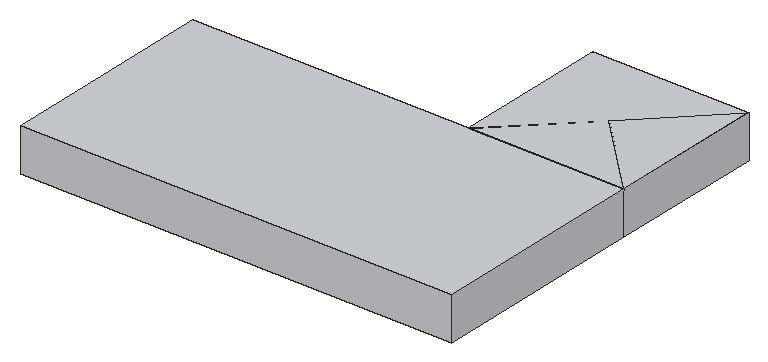
Revit family "電線管用ファミリ(片側のみ)_28", category Electrical Fixtures, Revit 2021
Family settings
  Maintain Annotation Orientation = No
  Round Connector Dimension = Use Diameter
  Part Type = Normal
  OmniClass Number = 23.80.00.00
  OmniClass Title = Electric Power and Lighting
  Work Plane-Based = No
  Always vertical = Yes
  Cut with Voids When Loaded = No
  Shared = No
  Room Calculation Point = No
Parameters
  コネクタ直径 [instance] = 16 mm
  W [instance] = 500 mm
  Default Elevation = 0 mm
  D [instance] = 250 mm
Reference planes
  plane 1 "Center (Front/Back)": y = 0
  plane 2: z = 0
  plane 3 "Center (Left/Right)": x = 0
  plane 4: x = -250
  plane 5: x = 250
  plane 6: y = 125
  plane 7: y = -125
  plane 8: z = 50
  plane 9: y = 305
  plane 10: x = 70
  plane 11: y = 215
  plane 12: x = 160
Forms (mm)
  Extrusion 1, solid
    sketch origin (0, 0, 0) x (1, 0, 0) y (0, 1, 0)
      loop
        line (-250, 125) -> (-250, -125) -> (250, -125) -> (250, 125) -> (-250, 125)
    from 0 to 50
  Extrusion 2, solid
    sketch origin (0, 0, 0) x (1, 0, 0) y (0, 1, 0)
      loop
        line (70, 305) -> (70, 125) -> (250, 125) -> (250, 305) -> (70, 305)
    from 0 to 50
  Extrusion 3, solid
    sketch origin (0, 0, 0) x (1, 0, 0) y (0, 1, 0)
      loop
        line (70, 305) -> (70, 125) -> (160, 215) -> (70, 305)
    from 0 to 50
  Extrusion 4, solid
    sketch origin (0, 0, 0) x (1, 0, 0) y (0, 1, 0)
      loop
        line (250, 305) -> (160, 215) -> (250, 125) -> (250, 305)
    from 0 to 50
Dimensions and locks
  equal spacing: plane 4, plane 3 "Center (Left/Right)", plane 5
  "W": plane 4 to plane 5
  equal spacing: plane 6, plane 1 "Center (Front/Back)", plane 7
  "D": plane 6 to plane 7
  plane 9 to plane 6 = 180 mm
  plane 10 to plane 5 = 180 mm
  aligned and locked: level to plane 2
  aligned and locked: plane 8 to Extrusion 1
  aligned and locked: plane 8 to Extrusion 3
  aligned and locked: plane 8 to Extrusion 4
Automatic sketch dimensions
  Extrusion 1 sketch curve to plane 4 = 0 mm
  Extrusion 1 sketch curve to plane 5 = 0 mm
  Extrusion 1 sketch curve to plane 7 = 0 mm
  Extrusion 1 sketch curve to plane 6 = 0 mm
  Extrusion 2 sketch curve to plane 6 = 0 mm
  Extrusion 2 sketch curve to plane 10 = 0 mm
  Extrusion 2 sketch curve to plane 5 = 0 mm
  Extrusion 2 sketch curve to plane 9 = 0 mm
  Extrusion 3 sketch curve to plane 10 = 0 mm
  Extrusion 3 sketch curve to plane 9 = 0 mm
  Extrusion 3 sketch curve to plane 6 = 0 mm
  Extrusion 3 sketch curve to plane 11 = 0 mm
  Extrusion 4 sketch curve to plane 11 = 0 mm
  Extrusion 4 sketch curve to plane 12 = 0 mm
  Extrusion 4 sketch curve to plane 5 = 0 mm
  Extrusion 4 sketch curve to plane 9 = 0 mm
Connectors
  cabletrayconduit at (0, 0, 50), diameter 16
    settings: on Extrusion 1, index 1, connector width 300 mm, connector height 300 mm, connector angle 0.00°, system type 32, placement type 0, profile type 0, connector reference index -1, is primary connector yes, connector utility param no, connector description ""
